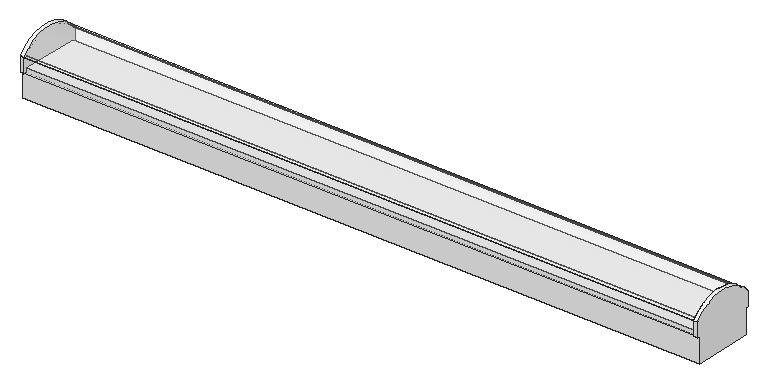
Revit family "SCST", category Lighting Fixtures, host Face, Revit 2021
Family settings
  Host = Face
  Round Connector Dimension = Use Diameter
  Part Type = Normal
  OmniClass Number = 23.80.70.11
  OmniClass Title = Luminaries for Internal Lighting
  Cut with Voids When Loaded = No
  Light Source = Yes
  Shared = No
  Room Calculation Point = No
Parameters (values of type "SCST")
  Warranty = "5 Year Limited Warranty"  # constant formula
  Product Page Link = ""
  Product Documentation Link = ""
  Wattage = 96 W
  built-in parameter 1150110 = 1 (stored number, unit not read)
  Voltage = 120 V
  Wattage Comments = "Up to 110 lumens per watt"
  URL = "https://www.currentlighting.com/columbia"
  built-in parameter 1114217 = 1 (stored number, unit not read)
  Tilt Angle = -90.00°
  built-in parameter 1150109 = 1 (stored number, unit not read)
  built-in parameter 1150134 = 12
  built-in parameter 1150113 = 1 (stored number, unit not read)
  Photometric Web File = "generic.ies"
  Nominal Watts = 96 W
  Model = "SCST"  # constant formula
  Manufacturer = "Columbia Lighting"  # constant formula
  Row Length = 48"
  built-in parameter 1150105 = 802.14 (stored number, unit not read)
  Lumens = 10080 lm
  built-in parameter 1150115 = 1 (stored number, unit not read)
  built-in parameter 1150137 = (empty or 0)
  built-in parameter 1150139 = (empty or 0)
  built-in parameter 1150112 = 1 (stored number, unit not read)
  built-in parameter 1150114 = 1 (stored number, unit not read)
  Lamp = "LED Lamp"
  built-in parameter 1150132 = (empty or 0)
  built-in parameter 1150102 = (empty or 0)
  built-in parameter 1150107 = 4000 (stored number, unit not read)
  built-in parameter 1150138 = (empty or 0)
  built-in parameter 1150106 = 8.0214 (stored number, unit not read)
  Glass = White Glass
  Emit from Rectangle Width = 4 1/8"  # constant formula
  Emit from Rectangle Length = Row Length - 1/2"  # 47 1/2"
  Emit Shape Visible in Rendering = no
  built-in parameter 1150104 = 9.7548 (stored number, unit not read)
  Dimming Lamp Color Temperature Shift = <None>
  Description = "LENSED STRIPLIGHT WITH SPECTRACLEAN™ ANTIMICROBIAL LIGHTING"  # constant formula
  Default Elevation = 48"
  Contact us = ""
  Color Filter = 16777215
  built-in parameter 1114218 = 1 (stored number, unit not read)
  Backbox = White
  built-in parameter 1150133 = 10 (stored number, unit not read)
  Apparent Load = 0 VA
Reference planes (in)
  plane 1 "Center (Front/Back)": y = 0.03999
  plane 2: z = 0
  plane 3 "Center (Left/Right)": x = 1.66944
  plane 4: x = -22.33056
  plane 5: x = 25.66944
Dimensions and locks (in)
  equal spacing: plane 5, plane 3 "Center (Left/Right)", plane 4
  "Row Length": plane 5 to plane 4
  aligned and locked: plane 2 to host face
  aligned and locked: level to host face
  aligned and locked: plane 3 "Center (Left/Right)" to imposter light
  aligned and locked: imposter light to plane 1 "Center (Front/Back)"
  aligned and locked: plane 3 "Center (Left/Right)" to nested 1
  aligned and locked: plane 1 "Center (Front/Back)" to nested 1
Automatic sketch dimensions
  host sketch curve to host sketch curve = 96"  (x2)
Nested families (in)
  nested 1: "LED Striplight" at (3.71711, 0, 0), Glass <- "Glass", Backbox <- "Backbox", Row Length <- "Row Length", type "LED Striplight"
    with Row Length 48", Glass White Glass, Backbox White
Connectors (in)
  electrical at (1.66944, 0.03999, 0)
    settings: on nested 1, index 1, voltage 120 V, apparent load 50 VA, apparent load phase1 0 VA, apparent load phase2 0 VA, apparent load phase3 0 VA, power factor 1, load classification "Other", number of poles 1, system type 30, power factor state 1, is connector primary yes, connector utility no, sub classification motor no, connector description "Lighting Connector"
Definition of nested family "LED Striplight"
  Parameters
    Wattage Comments = ""
    URL = ""
    Row Length [instance] = 96"
    Product Page URL = ""
    Product Documentation Link = ""
    Model = ""
    Manufacturer Phone = "(864)-678-1000"  # constant formula
    Manufacturer Fax = "(866)-898-1065"  # constant formula
    Manufacturer = ""
    Lamp = ""
    Glass [instance] = none
    Description = ""
    Default Elevation = 48"
    Backbox [instance] = none
  Reference planes (in)
    plane 1 "Center (Front/Back)": y = 0.03999
    plane 2: z = 0
    plane 3 "Center (Left/Right)": x = -2.04767
    plane 4: x = -50.04767
    plane 5: x = 45.95233
    plane 6: x = -49.79767
    plane 7: x = 45.70233
    plane 8: z = 3.8125
    plane 9: y = 2.10249
    plane 10: y = -2.02251
    plane 11: y = 2.28999
    plane 12: y = -2.21001
    plane 13: z = 1.75
    plane 14: z = 2
  Forms (in)
    Extrusion 1, solid
      sketch origin (0, 0, 0.06357) x (1, 0, 0) y (0, 1, 0)
        loop
          line (-48, 48) -> (-48, -48) -> (48, -48) -> (48, 48) -> (-48, 48)
      from -0.06357 to -17.74365
    Extrusion 2, solid, material <- "Backbox"
      sketch origin (-2.04767, 0, 0) x (0, 1, 0) y (0, 0, 1)
        loop
          line (2.28999, 1.75) -> (2.28999, 2.75)
          arc (2.28999, 2.75) -> (0.03999, 3.8125) -> (-2.21001, 2.75) r 2.9136
          line (-2.21001, 2.75) -> (-2.21001, 1.75) -> (-2.02251, 1.75) -> (-2.02251, 0) -> (2.10249, 0) -> (2.10249, 1.75) -> (2.28999, 1.75)
      from 47.75 to 48
    Extrusion 3, solid, material <- "Backbox"
      sketch origin (-2.04767, 0, 0) x (0, 1, 0) y (0, 0, 1)
        loop
          line (-2.21001, 2.75) -> (-2.21001, 1.75) -> (-2.02251, 1.75) -> (-2.02251, 0) -> (2.10249, 0) -> (2.10249, 1.75) -> (2.28999, 1.75) -> (2.28999, 2.75)
          arc (2.28999, 2.75) -> (0.03999, 3.8125) -> (-2.21001, 2.75) r 2.9136
      from -48 to -47.75
    Extrusion 4, solid, material <- "Backbox"
      sketch origin (-2.04767, 0, 0) x (0, 1, 0) y (0, 0, 1)
        loop
          line (2.10249, 2) -> (-2.02251, 2) -> (-2.02251, 0) -> (2.10249, 0) -> (2.10249, 2)
      from -47.75 to 47.75
    Extrusion 5, solid, material <- "Glass"
      sketch origin (-2.04767, 0, 0) x (0, 1, 0) y (0, 0, 1)
        loop
          line (2.10249, 1.75) -> (2.28999, 1.75) -> (2.28999, 2.75)
          arc (2.28999, 2.75) -> (0.03999, 3.8125) -> (-2.21001, 2.75) r 2.9136
          line (-2.21001, 2.75) -> (-2.21001, 1.75) -> (-2.02251, 1.75) -> (-2.02251, 2.81265)
          arc (-2.02251, 2.81265) -> (0.03999, 3.7125) -> (2.10249, 2.81265) r 2.8136
          line (2.10249, 2.81265) -> (2.10249, 1.75)
      from -47.75 to 47.75
  Cuts and joins
    joined: Extrusion 2, Extrusion 3, Extrusion 4
  Dimensions and locks (in)
    equal spacing: plane 5, plane 3 "Center (Left/Right)", plane 4
    locked: plane 6 to plane 4 at 0.25
    "Row Length": plane 5 to plane 4
    equal spacing: plane 7, plane 3 "Center (Left/Right)", plane 6
    locked: plane 8 to plane 2 at 3.8125
    equal spacing: plane 9, plane 1 "Center (Front/Back)", plane 10
    locked: plane 9 to plane 10 at 4.125
    equal spacing: plane 11, plane 1 "Center (Front/Back)", plane 12
    plane 11 to plane 12 = 4 1/2"
    locked: plane 11 to plane 1 "Center (Front/Back)" at 2.25
    locked: plane 13 to plane 2 at 1.75
    locked: plane 14 to plane 2 at 2
    locked: Extrusion 2 sketch curve to Extrusion 1 at 2.75  (x2)
    radius of Extrusion 5 sketch curve = 2.8136"
    aligned and locked: plane 2 to Extrusion 1
    aligned and locked: level to Extrusion 1
    aligned and locked: Extrusion 2 sketch curve to plane 2
    aligned and locked: Extrusion 2 sketch curve to plane 9
    aligned and locked: Extrusion 2 sketch curve to plane 13  (x2)
    aligned and locked: Extrusion 2 sketch curve to plane 11
    aligned and locked: plane 12 to Extrusion 2 sketch curve
    aligned and locked: plane 10 to Extrusion 2 sketch curve
    aligned and locked: plane 5 to Extrusion 2
    aligned and locked: Extrusion 2 to plane 7
    aligned and locked: Extrusion 3 sketch curve to Extrusion 2  (x8)
    aligned and locked: Extrusion 3 to plane 4
    aligned and locked: plane 6 to Extrusion 3
    aligned and locked: plane 14 to Extrusion 4 sketch curve
    aligned and locked: Extrusion 4 sketch curve to plane 9
    aligned and locked: Extrusion 4 sketch curve to Extrusion 2  (x2)
    aligned and locked: Extrusion 4 to plane 6
    aligned and locked: plane 7 to Extrusion 4
    aligned and locked: Extrusion 5 sketch curve to Extrusion 3
    aligned and locked: plane 7 to Extrusion 5
    aligned and locked: Extrusion 5 to plane 6
  Automatic sketch dimensions
    Extrusion 1 sketch curve to Extrusion 1 sketch curve = 96"  (x2)
    Extrusion 2 sketch curve to plane 13 = 0.8511"
    Extrusion 5 sketch curve to plane 9 = 0"
    Extrusion 5 sketch curve to plane 13 = 0"  (x2)
    Extrusion 5 sketch curve to plane 12 = 0"
    Extrusion 5 sketch curve to plane 11 = 0"
    Extrusion 5 sketch curve to plane 10 = 0"
    Extrusion 5 sketch curve to Extrusion 5 sketch curve = 0"  (x2)
